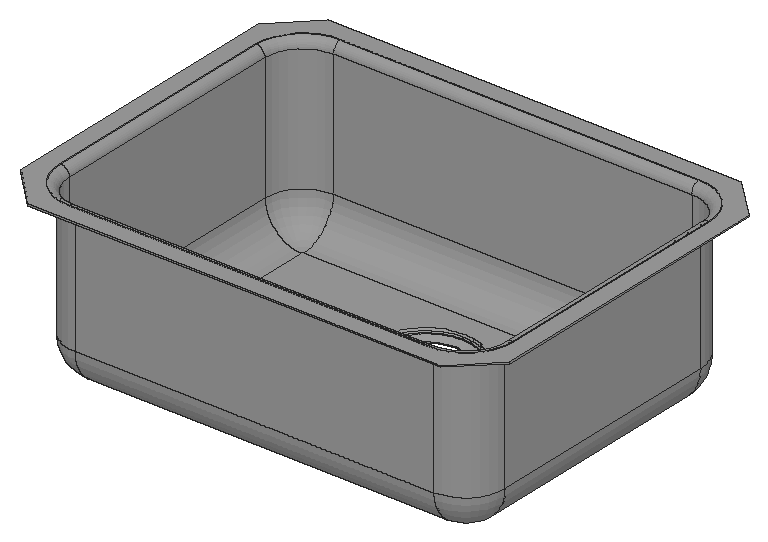
Revit family "equip-sink-undr-elkay-single-lustertone", category Plumbing Fixtures, Revit 2019
Family settings
  Round Connector Dimension = Use Radius
  Part Type = Normal
  OmniClass Number = 23.45.05.14.14.27
  OmniClass Title = Service Sinks
  Work Plane-Based = No
  Always vertical = Yes
  Cut with Voids When Loaded = No
  Shared = No
  Room Calculation Point = No
Parameters (values of type "ByType")
  URL = "www.elkayusa.com"
  Specification Sheet URL = ""
  Sink Width = 1' - 5 1/4"
  Sink Material = Metal - Steel - Stainless - Chrome
  Sink Length = 1' - 10 1/2"
  Sink Ledge Sides Width = Sink Ledge Corner Width  # 0' - 1 1/4"
  Sink Ledge Front Width = Sink Ledge Corner Width  # 0' - 1 1/4"
  Sink Ledge Corner Width = 0' - 1 1/4"  # constant formula
  Sink Ledge Back Width = Sink Ledge Corner Width  # 0' - 1 1/4"
  Sink Depth = 0' - 7 7/8"
  Sanitary Flow Rate = 10 GPM
  OmniClass Title = "Service Sinks"
  OmniClass Code = "23.45.05.14.14.27"
  Nominal Radius = Nominal Dia / 2  # 0' - 0 3/4"
  Nominal Dia = 0' - 1 1/2"
  Model Number = ""
  Model = "Lustertone Undermount"
  Minimum Cabinet Width = ""
  MasterFormat Title = "Commercial Sinks"
  MasterFormat Number = "22.42.16.16"
  Manufacturer = "Elkay Manufacturing"
  Drain Location = 0' - 5"
  Description = "Lustertone Single Bowl Sink"
  Deep Specification Sheet URL = ""
  Date Created = "2011-04-10"
  CL Sink to CL Drain = 0' - 0"
  Bowl Width = (Sink Width - Sink Ledge Front Width - Sink Ledge Back Width)  # 1' - 2 3/4"
  Bowl Length = Sink Length - Sink Ledge Sides Width - Sink Ledge Sides Width  # 1' - 8"
  Assembly Code = "D2010410"
Reference planes (in)
  plane 1 "CL Sink Hole": y = 2.375
  plane 2 "Top": z = 0
  plane 3 "Center (Left/Right)": x = 0
  plane 4 "Basin Edge Left": x = -10
  plane 5 "Basin Edge Right": x = 10
  plane 6 "Basin Edge Back": y = 7.375
  plane 7 "Basin Edge Front": y = -7.375
  plane 8 "Left": x = -11.25
  plane 9 "Right": x = 11.25
  plane 10 "Back": y = 8.625
  plane 11 "Front": y = -8.625
  plane 12 "Sink Angle Right": x = 8.78553
  plane 13 "Sink Angle Back": y = 6.16053
  plane 14 "Sink Angle Left": x = -8.78553
  plane 15 "Sink Angle Front": y = -6.16053
  plane 16 "Edge Radii Right": x = 10.42188
  plane 17 "Edge of Radii Left": x = -10.42187
  plane 18 "Sink Bowl Bottom (Top Face)": z = -7.875
  plane 19 "Sink Top Piece Bottom Face": z = -0.0625
  plane 20 "Top Radius Corner Prot": z = -0.42188
  plane 21: z = -6.1875
  plane 22 "Sink Bowl Bottom (Bottom Face)": z = -7.9375
  plane 23 "Left Sink Bottom Piece Left Edge": x = -8.3125
  plane 24 "Sink Bottom Piece Right Edge": x = 8.3125
  plane 25 "Sink Bottom Piece Back Edge": y = 5.6875
  plane 26 "Sink Bottom Piece Front Edge": y = -5.6875
  plane 27 "Center (Front/Back)": y = 0
  plane 28 "Bowl CL Drain": x = 0
  plane 29 "Edge Radii Front": y = -7.79688
  plane 30 "Right Sink Right Edge Radius": x = 8.25
  plane 31 "Front Edge Bottom Edge Radius": y = -5.625
  plane 32 "Back Edge Bottom Edge Radius": y = 5.625
  plane 33 "Edge Radii Back": y = 7.79687
  plane 34 "Left Bowl Bottom Edge Radius": x = -8.25
  plane 35 "Masking Region": z = 1.25157
  plane 36 "Sink Drain Elev Bottom": z = -9.375
  plane 37 "Sink Drain Elev Top": z = -9.125
  plane 38 "Top Radius Elev - 1-8": z = -0.10938
  plane 39 "Top Radius 1-8 Front": y = -7.48438
  plane 40 "Top Radius 1-8 Left": x = -10.10937
  plane 41 "Top Radius 1-8 Right": x = 10.10938
  plane 42 "Top Radius 1-8 Back": y = 7.48437
  plane 43 "Inside Radius Tangent Right": x = 8.97487
  plane 44 "Inside Radius Tangent Back": y = 6.34987
  plane 45 "Inside Radius Tangent Front": y = -6.34987
  plane 46 "Inside Radius Tangent Left": x = -8.97487
Forms (in)
  Extrusion 1, solid, material "Metal - Steel - Stainless - Chrome" <- "Sink Material"
    sketch origin (0, 0, 0) x (1, 0, 0) y (0, 1, 0)
      loop
        line (11.25, 6.86764) -> (9.49264, 8.625) -> (-9.49264, 8.625) -> (-11.25, 6.86764) -> (-11.25, -6.86764) -> (-9.49264, -8.625) -> (9.49264, -8.625) -> (11.25, -6.86764) -> (11.25, 6.86764)
      loop
        arc (-8.25, 7.79687) -> (-9.78575, 7.16075) -> (-10.42187, 5.625) r 2.17187
        line (-10.42187, 5.625) -> (-10.42188, -5.625)
        arc (-10.42188, -5.625) -> (-9.78575, -7.16075) -> (-8.25, -7.79688) r 2.17188
        line (-8.25, -7.79688) -> (8.25, -7.79688)
        arc (8.25, -7.79688) -> (9.78575, -7.16075) -> (10.42188, -5.625) r 2.17188
        line (10.42188, -5.625) -> (10.42188, 5.625)
        arc (10.42188, 5.625) -> (9.78575, 7.16075) -> (8.25, 7.79687) r 2.17188
        line (8.25, 7.79687) -> (-8.25, 7.79687)
    from -0.0625 to 0
  Extrusion 2, solid, material "Metal - Steel - Stainless - Chrome" <- "Sink Material"
    sketch origin (0, 0, 0) x (1, 0, 0) y (0, 1, 0)
      loop
        arc (-8.25, 5.6875) -> (-8.29419, 5.66919) -> (-8.3125, 5.625) r 0.0625
        line (-8.3125, 5.625) -> (-8.3125, -5.625)
        arc (-8.3125, -5.625) -> (-8.29419, -5.66919) -> (-8.25, -5.6875) r 0.0625
        line (-8.25, -5.6875) -> (8.25, -5.6875)
        arc (8.25, -5.6875) -> (8.29419, -5.66919) -> (8.3125, -5.625) r 0.0625
        line (8.3125, -5.625) -> (8.3125, 5.625)
        arc (8.3125, 5.625) -> (8.29419, 5.66919) -> (8.25, 5.6875) r 0.0625
        line (8.25, 5.6875) -> (-8.25, 5.6875)
      loop
        circle (0, 2.375) r 2.25
    from -7.9375 to -7.875
  Sweep 3, solid, material "Metal - Steel - Stainless - Chrome" <- "Sink Material"
    path origin (14.75, 0, -7.875) x (-1, 0, 0) y (0, -1, 0)
      loop
        circle (14.75, -2.375) r 2.25
    profile "profile-elkay-sink-hole-3 : profile-elkay-sink-hole-3" origin (0, 0.125, -7.875) x (0, 1, 0) y (0, 0, 1)
      loop
        line (0.5, -0.29111) -> (0.15646, -0.13437)
        arc (0.15646, -0.13437) -> (0.14249, -0.12559) -> (0.13131, -0.11346) r 0.0625
        line (0.13131, -0.11346) -> (0.08817, -0.05226)
        arc (0.08817, -0.05226) -> (0.05064, -0.01507) -> (0, 0) r 0.1086
        line (0, 0) -> (0, -0.04618)
        arc (0, -0.04618) -> (0.02621, -0.05419) -> (0.04646, -0.07265) r 0.0625
        line (0.04646, -0.07265) -> (0.09341, -0.13969)
        arc (0.09341, -0.13969) -> (0.11294, -0.16097) -> (0.13739, -0.17634) r 0.1086
        line (0.13739, -0.17634) -> (0.5, -0.34178) -> (0.5, -0.29111)
  Sweep 4, solid, material "Metal - Steel - Stainless - Chrome" <- "Sink Material"
    path origin (0, 0, 0) x (1, 0, 0) y (0, 1, 0)
      loop
        line (-8.25, -7.375) -> (8.25, -7.375)
        arc (8.25, -7.375) -> (9.48744, -6.86244) -> (10, -5.625) r 1.75
        line (10, -5.625) -> (10, 5.625)
        arc (10, 5.625) -> (9.48744, 6.86244) -> (8.25, 7.375) r 1.75
        line (8.25, 7.375) -> (-8.25, 7.375)
        arc (-8.25, 7.375) -> (-9.48744, 6.86244) -> (-10, 5.625) r 1.75
        line (-10, 5.625) -> (-10, -5.625)
        arc (-10, -5.625) -> (-9.48744, -6.86244) -> (-8.25, -7.375) r 1.75
    profile origin (0, -7.375, 0) x (0, 1, 0) y (0, 0, 1)
      loop
        arc (0, -0.42187) -> (-0.12356, -0.12356) -> (-0.42187, 0) r 0.42188
        line (-0.42187, 0) -> (-0.42187, -0.0625)
        arc (-0.42187, -0.0625) -> (-0.16776, -0.16776) -> (-0.0625, -0.42187) r 0.35938
        line (-0.0625, -0.42187) -> (-0.0625, -6.1875)
        arc (-0.0625, -6.1875) -> (0.45006, -7.42494) -> (1.6875, -7.9375) r 1.75
        line (1.6875, -7.9375) -> (1.6875, -7.875)
        arc (1.6875, -7.875) -> (0.49426, -7.38074) -> (0, -6.1875) r 1.6875
        line (0, -6.1875) -> (0, -0.42187)
  Extrusion 5, solid, material "Glass", not visible
    sketch origin (0, 0, -9.125) x (0, -1, 0) y (1, 0, 0)
      loop
        circle (-2.375, 0) r 0.75
    from -0.25 to 0
Cuts and joins
  joined: Extrusion 2, Sweep 3, Sweep 4
Lines and regions (in)
  Masking region 1
    outline origin (0, 0, 0) x (1, 0, 0) y (0, 1, 0)
      loop
        line (-10.42187, 5.625) -> (-10.42188, -5.625)
        arc (-10.42188, -5.625) -> (-9.78575, -7.16075) -> (-8.25, -7.79688) r 2.17188
        line (-8.25, -7.79688) -> (8.25, -7.79688)
        arc (8.25, -7.79688) -> (9.78575, -7.16075) -> (10.42188, -5.625) r 2.17188
        line (10.42188, -5.625) -> (10.42188, 5.625)
        arc (10.42188, 5.625) -> (9.78575, 7.16075) -> (8.25, 7.79687) r 2.17188
        line (8.25, 7.79687) -> (-8.25, 7.79687)
        arc (-8.25, 7.79687) -> (-9.78575, 7.16075) -> (-10.42187, 5.625) r 2.17187
  reference lines, not visible
    curve 1: arc (-0.625, 2.375, -6.1875) -> (-1.11926, 2.375, -7.38074) -> (-2.3125, 2.375, -7.875) r 1.6875
    curve 2: arc (-10, 2.375, -6.1875) -> (-9.50574, 2.375, -7.38074) -> (-8.3125, 2.375, -7.875) r 1.6875
    curve 3: arc (-0.625, 2.375, -0.42188) -> (-0.50144, 2.375, -0.12356) -> (-0.20313, 2.375, 0) r 0.42188
    curve 4: arc (0, -5.6875, -7.875) -> (0, -6.88074, -7.38074) -> (0, -7.375, -6.1875) r 1.6875
    curve 5: arc (0, -7.375, -0.42188) -> (0, -7.49856, -0.12356) -> (0, -7.79688, 0) r 0.42188
    curve 6: arc (8.3125, 5.625, 0) -> (8.29419, 5.66919, 0) -> (8.25, 5.6875, 0) r 0.0625
    curve 7: arc (8.3125, -5.625, 0) -> (8.29419, -5.66919, 0) -> (8.25, -5.6875, 0) r 0.0625
    curve 8: arc (10, 5.625, 1.25157) -> (9.48744, 6.86244, 1.25157) -> (8.25, 7.375, 1.25157) r 1.75
    curve 9: arc (10, -5.625, 1.25157) -> (9.48744, -6.86244, 1.25157) -> (8.25, -7.375, 1.25157) r 1.75
    curve 12: arc (-8.25, -5.6875, 0) -> (-8.29419, -5.66919, 0) -> (-8.3125, -5.625, 0) r 0.0625
    curve 13: arc (-8.25, 5.6875, 0) -> (-8.29419, 5.66919, 0) -> (-8.3125, 5.625, 0) r 0.0625
    curve 16: arc (-9.442, 6.90626, 1.25157) -> (-9.85445, 6.32375, 1.25157) -> (-10, 5.625, 1.25157) r 1.75
    curve 17: arc (-10, -5.625, 1.25157) -> (-9.48744, -6.86244, 1.25157) -> (-8.25, -7.375, 1.25157) r 1.75
    curve 18: circle (0, 2.375, -9.375) r 0.75 normal (0, 0, 1)
    curve 20: circle (0, 2.375, -7.875) r 1.75 normal (0, 0, 1)
    curve 29: arc (-8.25, 8.5, 1.25157) -> (-10.28293, 7.65793, 1.25157) -> (-11.125, 5.625, 1.25157) r 2.875
    curve 30: arc (10.75, 5.625, 1.25157) -> (10.01777, 7.39277, 1.25157) -> (8.25, 8.125, 1.25157) r 2.5
    curve 31: line (-8.97487, 7.375, 0) -> (-10, 6.34987, 0)
    curve 32: line (8.97487, 7.375, 0) -> (10, 6.34987, 0)
    curve 33: line (9.09745, 9.02019, 0) -> (11.69376, 6.42388, 0)
    curve 34: line (10, -6.34987, 0) -> (8.97487, -7.375, 0)
    curve 35: line (11.66329, -6.45436, 0) -> (9.11612, -9.00152, 0)
    curve 36: line (-10, -6.34987, 0) -> (-8.97487, -7.375, 0)
    curve 37: line (-11.84102, -6.27663, 0) -> (-9.39647, -8.72117, 0)
    curve 38: line (-9.04997, 9.06767, 0) -> (-11.65098, 6.46666, 0)
  reference lines
    curve 10: arc (10.42188, 5.625, 0) -> (9.78575, 7.16075, 0) -> (8.25, 7.79687, 0) r 2.17188
    curve 11: arc (-8.25, -7.79688, 0) -> (-9.78575, -7.16075, 0) -> (-10.42188, -5.625, 0) r 2.17188
    curve 14: arc (-8.25, 7.79687, 0) -> (-9.78575, 7.16075, 0) -> (-10.42187, 5.625, 0) r 2.17187
    curve 15: arc (10.42188, -5.625, 0) -> (9.78575, -7.16075, 0) -> (8.25, -7.79688, 0) r 2.17188
    curve 19: circle (0, 2.375, -7.875) r 2.25 normal (0, 0, 1)
    curve 21: circle (0, 2.375, -7.875) r 2.25 normal (0, 0, 1)
    curve 24: arc (0, -7.375, -0.10938) -> (0, -7.40704, -0.03204) -> (0, -7.48438, 0) r 0.10938
    curve 25: arc (10.10938, 5.625, 0) -> (9.56478, 6.93978, 0) -> (8.25, 7.48437, 0) r 1.85938
    curve 26: arc (-8.25, 7.48437, 0) -> (-9.56478, 6.93978, 0) -> (-10.10938, 5.625, 0) r 1.85938
    curve 27: arc (-8.25, -7.48438, 0) -> (-9.56478, -6.93978, 0) -> (-10.10938, -5.625, 0) r 1.85938
    curve 28: arc (10.10938, -5.625, 0) -> (9.56478, -6.93978, 0) -> (8.25, -7.48438, 0) r 1.85938
  symbolic lines, style "Sinks"
    curve 22: circle (0, 2.375, -7.875) r 2.25 normal (0, 0, 1)
    curve 23: circle (0, 2.375, -7.875) r 1.75 normal (0, 0, 1)
    curve 39: line (-8.25, 7.375, 0) -> (8.25, 7.375, 0)
    curve 40: line (10, 5.625, 0) -> (10, -5.625, 0)
    curve 41: line (-8.25, -7.375, 0) -> (8.25, -7.375, 0)
    curve 42: line (-10, 5.625, 0) -> (-10, -5.625, 0)
    curve 43: arc (10, 5.625, 0) -> (9.48744, 6.86244, 0) -> (8.25, 7.375, 0) r 1.75
    curve 44: arc (-8.25, 7.375, 0) -> (-9.48744, 6.86244, 0) -> (-10, 5.625, 0) r 1.75
    curve 45: arc (-10, -5.625, 0) -> (-9.48744, -6.86244, 0) -> (-8.25, -7.375, 0) r 1.75
    curve 46: arc (10, -5.625, 0) -> (9.48744, -6.86244, 0) -> (8.25, -7.375, 0) r 1.75
Dimensions and locks (in)
  "Sink Ledge Sides Width": plane 8 "Left" to plane 4 "Basin Edge Left"
  "Sink Ledge Sides Width": plane 5 "Basin Edge Right" to plane 9 "Right"
  "Sink Length": plane 8 "Left" to plane 9 "Right"
  "Drain Location": plane 6 "Basin Edge Back" to plane 1 "CL Sink Hole"
  "Sink Ledge Back Width": plane 10 "Back" to plane 6 "Basin Edge Back"
  "Sink Ledge Front Width": plane 7 "Basin Edge Front" to plane 11 "Front"
  plane 12 "Sink Angle Right" to plane 9 "Right" = 0' - 2.46447"
  plane 10 "Back" to plane 13 "Sink Angle Back" = 0' - 2.46447"
  plane 8 "Left" to plane 14 "Sink Angle Left" = 0' - 2.46447"
  plane 15 "Sink Angle Front" to plane 11 "Front" = 0' - 2.46447"
  "Sink Width": plane 10 "Back" to plane 11 "Front"
  locked: plane 17 "Edge of Radii Left" to plane 4 "Basin Edge Left" at 0.42188
  locked: plane 26 "Sink Bottom Piece Front Edge" to plane 7 "Basin Edge Front" at 1.6875
  locked: plane 4 "Basin Edge Left" to plane 23 "Left Sink Bottom Piece Left Edge" at 1.6875
  locked: plane 24 "Sink Bottom Piece Right Edge" to plane 5 "Basin Edge Right" at 1.6875
  locked: plane 6 "Basin Edge Back" to plane 25 "Sink Bottom Piece Back Edge" at 1.6875
  locked: plane 5 "Basin Edge Right" to plane 16 "Edge Radii Right" at 0.42188
  equal spacing: plane 10 "Back", plane 27 "Center (Front/Back)", plane 11 "Front"
  equal spacing: plane 8 "Left", plane 3 "Center (Left/Right)", plane 9 "Right"
  "CL Sink to CL Drain": plane 3 "Center (Left/Right)" to plane 28 "Bowl CL Drain"
  locked: plane 30 "Right Sink Right Edge Radius" to plane 24 "Sink Bottom Piece Right Edge" at 0.0625
  locked: plane 31 "Front Edge Bottom Edge Radius" to plane 26 "Sink Bottom Piece Front Edge" at 0.0625
  locked: plane 25 "Sink Bottom Piece Back Edge" to plane 32 "Back Edge Bottom Edge Radius" at 0.0625
  locked: plane 33 "Edge Radii Back" to plane 6 "Basin Edge Back" at 0.42188
  locked: plane 7 "Basin Edge Front" to plane 29 "Edge Radii Front" at 0.42187
  locked: plane 23 "Left Sink Bottom Piece Left Edge" to plane 34 "Left Bowl Bottom Edge Radius" at 0.0625
  "Sink Depth": plane 2 "Top" to plane 18 "Sink Bowl Bottom (Top Face)"
  locked: plane 2 "Top" to plane 20 "Top Radius Corner Prot" at 0.42188
  locked: plane 2 "Top" to plane 19 "Sink Top Piece Bottom Face" at 0.0625
  locked: plane 21 to plane 18 "Sink Bowl Bottom (Top Face)" at 1.6875
  locked: plane 18 "Sink Bowl Bottom (Top Face)" to plane 22 "Sink Bowl Bottom (Bottom Face)" at 0.0625
  locked: plane 35 "Masking Region" to plane 2 "Top" at 1.25157
  locked: plane 18 "Sink Bowl Bottom (Top Face)" to plane 36 "Sink Drain Elev Bottom" at 1.5
  locked: plane 37 "Sink Drain Elev Top" to plane 36 "Sink Drain Elev Bottom" at 0.25
  locked: plane 39 "Top Radius 1-8 Front" to plane 7 "Basin Edge Front" at 0.10938
  locked: plane 2 "Top" to plane 38 "Top Radius Elev - 1-8" at 0.10938
  locked: plane 40 "Top Radius 1-8 Left" to plane 4 "Basin Edge Left" at 0.10938
  locked: plane 5 "Basin Edge Right" to plane 41 "Top Radius 1-8 Right" at 0.10938
  locked: plane 42 "Top Radius 1-8 Back" to plane 6 "Basin Edge Back" at 0.10938
  locked: plane 32 "Back Edge Bottom Edge Radius" to plane 44 "Inside Radius Tangent Back" at 0.72487
  locked: plane 30 "Right Sink Right Edge Radius" to plane 43 "Inside Radius Tangent Right" at 0.72487
  locked: plane 45 "Inside Radius Tangent Front" to plane 31 "Front Edge Bottom Edge Radius" at 0.72487
  locked: plane 46 "Inside Radius Tangent Left" to plane 34 "Left Bowl Bottom Edge Radius" at 0.72487
  "Sink Ledge Corner Width": curve 32 to curve 33
  "Sink Ledge Corner Width": curve 34 to curve 35
  "Sink Ledge Corner Width": curve 37 to curve 36
  "Sink Ledge Corner Width": curve 38 to curve 31
  "Nominal Radius": radius of curve 18
  aligned: Extrusion 1 to plane 19 "Sink Top Piece Bottom Face"
  aligned: Extrusion 2 to plane 18 "Sink Bowl Bottom (Top Face)"
  aligned and locked: Extrusion 2 to plane 22 "Sink Bowl Bottom (Bottom Face)"
  aligned and locked: plane 18 "Sink Bowl Bottom (Top Face)" to Extrusion 2
  aligned and locked: Extrusion 2 sketch curve to curve 7
  aligned and locked: Extrusion 2 sketch curve to curve 6
  aligned and locked: Sweep 4 sketch curve to curve 8
  aligned and locked: Sweep 4 sketch curve to curve 9
  aligned and locked: Sweep 4 sketch curve to curve 4
  aligned and locked: Extrusion 1 sketch curve to plane 9 "Right"
  aligned and locked: Extrusion 1 sketch curve to plane 10 "Back"
  aligned and locked: Extrusion 1 sketch curve to plane 8 "Left"
  aligned and locked: Extrusion 1 sketch curve to plane 11 "Front"
  aligned and locked: plane 2 "Top" to Extrusion 1
  aligned and locked: Extrusion 1 to plane 19 "Sink Top Piece Bottom Face"
  aligned and locked: Extrusion 5 sketch curve to curve 18
  aligned and locked: Extrusion 5 to plane 36 "Sink Drain Elev Bottom"
  aligned and locked: plane 37 "Sink Drain Elev Top" to Extrusion 5
  aligned and locked: Sweep 4 sketch curve to curve 16
  aligned and locked: Sweep 4 sketch curve to curve 17
  aligned and locked: Extrusion 2 sketch curve to curve 13
  aligned and locked: Extrusion 2 sketch curve to curve 12
  aligned and locked: Sweep 3 sketch curve to curve 19
  aligned and locked: Extrusion 2 sketch curve to curve 19
  aligned and locked: curve 22 to curve 21
  aligned and locked: curve 23 to curve 20
  aligned and locked: curve 33 to Extrusion 1 sketch curve
  aligned and locked: curve 35 to Extrusion 1 sketch curve
  aligned and locked: curve 37 to Extrusion 1 sketch curve
  aligned and locked: curve 38 to Extrusion 1 sketch curve
  aligned and locked: Masking region 1 sketch curve to curve 10
  aligned and locked: Masking region 1 sketch curve to curve 14
  aligned and locked: Masking region 1 sketch curve to curve 11
  aligned and locked: Masking region 1 sketch curve to curve 15
  aligned and locked: curve 43 to curve 8
  aligned and locked: curve 44 to curve 16
  aligned and locked: curve 45 to curve 17
  aligned and locked: curve 46 to curve 9
  aligned and locked: Sweep 4 sketch curve to curve 5
  aligned and locked: Sweep 4 sketch curve to plane 29 "Edge Radii Front"
  aligned and locked: Extrusion 1 sketch curve to curve 14
  aligned and locked: Extrusion 1 sketch curve to curve 11
  aligned and locked: Extrusion 1 sketch curve to curve 15
  aligned and locked: Extrusion 1 sketch curve to curve 10
Automatic sketch dimensions
  curve 2 to plane 4 "Basin Edge Left" = 0' - 0"
  curve 2 to plane 21 = 0' - 0"
  curve 2 to plane 23 "Left Sink Bottom Piece Left Edge" = 0' - 0"
  curve 1 to plane 18 "Sink Bowl Bottom (Top Face)" = 0' - 0"
  curve 3 to plane 20 "Top Radius Corner Prot" = 0' - 0"
  curve 1 to plane 21 = 0' - 0"
  plane 1 "CL Sink Hole" to curve 18 = 0' - 0"
  curve 18 to plane 28 "Bowl CL Drain" = 0' - 0"
  curve 3 to level = 0' - 0"
  curve 1 to plane 3 "Center (Left/Right)" = 0' - 2 5/16"
  curve 3 to plane 3 "Center (Left/Right)" = 0' - 0 5/8"
  curve 19 to curve 20 = 0' - 0"  (x2)
  curve 19 to curve 21 = 0' - 0"  (x2)
  curve 20 to curve 21 = 0' - 0"  (x2)
  plane 1 "CL Sink Hole" to curve 20 = 0' - 0"
  curve 20 to plane 28 "Bowl CL Drain" = 0' - 0"
  curve 8 to plane 5 "Basin Edge Right" = 0' - 0"
  curve 16 to plane 4 "Basin Edge Left" = 0' - 0"
  curve 17 to plane 4 "Basin Edge Left" = 0' - 0"
  curve 9 to plane 5 "Basin Edge Right" = 0' - 0"
  curve 5 to level = 0' - 0"
  curve 5 to plane 29 "Edge Radii Front" = 0' - 0"
  curve 24 to plane 38 "Top Radius Elev - 1-8" = 0' - 0"
  curve 24 to plane 39 "Top Radius 1-8 Front" = 0' - 0"
  curve 5 to plane 7 "Basin Edge Front" = 0' - 0"
  curve 4 to plane 7 "Basin Edge Front" = 0' - 0"
  curve 24 to plane 7 "Basin Edge Front" = 0' - 0"
  curve 4 to plane 21 = 0' - 0"
  curve 4 to plane 26 "Sink Bottom Piece Front Edge" = 0' - 0"
  Sweep 4 sketch curve to Sweep 4 sketch curve = 0' - 0"  (x2)
  curve 8 to curve 30 = 0' - 0"  (x4)
  plane 5 "Basin Edge Right" to curve 30 = 0' - 0 3/4"
  curve 6 to curve 10 = 0' - 0"  (x2)
  curve 6 to curve 25 = 0' - 0"  (x2)
  curve 7 to curve 15 = 0' - 0"  (x2)
  curve 7 to curve 28 = 0' - 0"  (x2)
  curve 10 to curve 25 = 0' - 0"  (x2)
  curve 11 to curve 12 = 0' - 0"  (x2)
  curve 11 to curve 27 = 0' - 0"  (x2)
  curve 12 to curve 27 = 0' - 0"  (x2)
  curve 13 to curve 14 = 0' - 0"  (x2)
  curve 13 to curve 26 = 0' - 0"  (x2)
  curve 14 to curve 26 = 0' - 0"  (x2)
  curve 15 to curve 28 = 0' - 0"  (x2)
  curve 14 to plane 17 "Edge of Radii Left" = 0' - 0"
  curve 11 to plane 17 "Edge of Radii Left" = 0' - 0"
  plane 32 "Back Edge Bottom Edge Radius" to curve 26 = 0' - 0"
  curve 26 to plane 40 "Top Radius 1-8 Left" = 0' - 0"
  plane 31 "Front Edge Bottom Edge Radius" to curve 27 = 0' - 0"
  curve 27 to plane 40 "Top Radius 1-8 Left" = 0' - 0"
  curve 31 to plane 4 "Basin Edge Left" = 0' - 0"
  curve 36 to plane 4 "Basin Edge Left" = 0' - 0"
  curve 31 to plane 6 "Basin Edge Back" = 0' - 0"
  curve 31 to plane 46 "Inside Radius Tangent Left" = 0' - 0"
  curve 36 to plane 7 "Basin Edge Front" = 0' - 0"
  curve 36 to plane 46 "Inside Radius Tangent Left" = 0' - 0"
  curve 12 to plane 23 "Left Sink Bottom Piece Left Edge" = 0' - 0"
  curve 13 to plane 23 "Left Sink Bottom Piece Left Edge" = 0' - 0"
  curve 13 to plane 34 "Left Bowl Bottom Edge Radius" = 0' - 0"
  curve 12 to plane 26 "Sink Bottom Piece Front Edge" = 0' - 0"
  curve 25 to plane 30 "Right Sink Right Edge Radius" = 0' - 0"
  curve 15 to plane 29 "Edge Radii Front" = 0' - 0"
  curve 15 to plane 30 "Right Sink Right Edge Radius" = 0' - 0"
  curve 7 to plane 24 "Sink Bottom Piece Right Edge" = 0' - 0"
  curve 6 to plane 24 "Sink Bottom Piece Right Edge" = 0' - 0"
  curve 34 to plane 7 "Basin Edge Front" = 0' - 0"
  curve 34 to plane 43 "Inside Radius Tangent Right" = 0' - 0"
  curve 32 to plane 6 "Basin Edge Back" = 0' - 0"
  curve 32 to plane 43 "Inside Radius Tangent Right" = 0' - 0"
  curve 34 to plane 5 "Basin Edge Right" = 0' - 0"
  curve 32 to plane 5 "Basin Edge Right" = 0' - 0"
  plane 32 "Back Edge Bottom Edge Radius" to curve 25 = 0' - 0"
  curve 25 to plane 41 "Top Radius 1-8 Right" = 0' - 0"
  plane 31 "Front Edge Bottom Edge Radius" to curve 28 = 0' - 0"
  curve 28 to plane 41 "Top Radius 1-8 Right" = 0' - 0"
  curve 10 to plane 16 "Edge Radii Right" = 0' - 0"
  plane 45 "Inside Radius Tangent Front" to curve 34 = 0' - 0"
  plane 45 "Inside Radius Tangent Front" to curve 36 = 0' - 0"
  curve 32 to plane 44 "Inside Radius Tangent Back" = 0' - 0"
  curve 31 to plane 44 "Inside Radius Tangent Back" = 0' - 0"
  plane 44 "Inside Radius Tangent Back" to curve 38 = 0' - 0.11679"
  curve 37 to plane 45 "Inside Radius Tangent Front" = 0' - 0.07325"
  curve 37 to plane 11 "Front" = 0' - 0.09617"
  curve 38 to plane 46 "Inside Radius Tangent Left" = 0' - 0.0751"
  curve 33 to plane 43 "Inside Radius Tangent Right" = 0' - 0.12257"
  curve 35 to plane 43 "Inside Radius Tangent Right" = 0' - 0.14124"
  plane 45 "Inside Radius Tangent Front" to curve 35 = 0' - 0.10448"
  plane 44 "Inside Radius Tangent Back" to curve 33 = 0' - 0.074"
  curve 16 to curve 29 = 0' - 0"  (x2)
  plane 32 "Back Edge Bottom Edge Radius" to curve 16 = 0' - 0"
  curve 16 to plane 34 "Left Bowl Bottom Edge Radius" = 0' - 0"
  curve 16 to plane 46 "Inside Radius Tangent Left" = 0' - 0.46713"
  plane 8 "Left" to curve 29 = 0' - 0 1/8"
  plane 31 "Front Edge Bottom Edge Radius" to curve 17 = 0' - 0"
  curve 17 to plane 34 "Left Bowl Bottom Edge Radius" = 0' - 0"
  curve 9 to plane 7 "Basin Edge Front" = 0' - 0"
  curve 9 to plane 30 "Right Sink Right Edge Radius" = 0' - 0"
  curve 8 to plane 6 "Basin Edge Back" = 0' - 0"
  curve 8 to plane 30 "Right Sink Right Edge Radius" = 0' - 0"
  profile plane to Sweep 4 sketch curve = 0' - 0 1/16"
  radius of curve 19 = 0' - 2 1/4"
  radius of curve 20 = 0' - 1 3/4"
  radius of curve 21 = 0' - 2 1/4"
Connectors (in)
  piping at (0, 2.375, -9.125), diameter 1.5, driven by "Nominal Radius", driven by "Sanitary Flow Rate"
    settings: on Extrusion 5, index 2, connector inside diameter 1 1/2", connector length 0' - 0", flow factor 0, pipe flow 10 GPM, pressure drop 0.00 psi, fitting loss kfactor 0, connector angle 0.00°, fixture units 0, engagement length 0' - 0", angle of deflection 0.00°, flow configuration 1, flow direction 2, fitting loss method 0, system type 16, joint type 0, gender type 0, connector reference index -1, connector utility 0, adjustable connector yes, is connector primary yes, connector description "Sink Drain Right"
